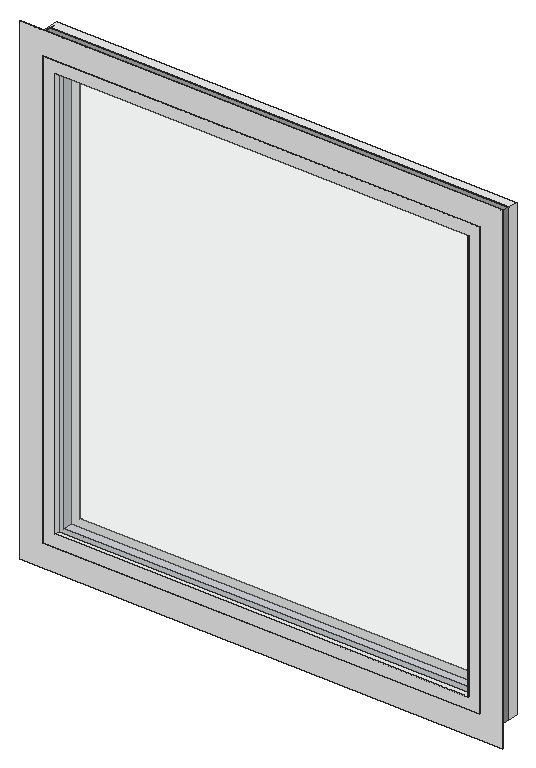
Revit family "Edge_TB42_F_Side_Hung_Standard", category Windows, host Wall, Revit 2014
Parameters (values of type "Casement_Sash_DG")
  Width Sash [instance] = 30 mm
  Width Sash Inner = 15 mm
  Width Bead = 15 mm
  Top Hung [instance] = yes
  Thermal Break Material = Rubber, Black
  Thermal Break Length = 16 mm
  Side Hung Right [instance] = yes
  Side Hung Left [instance] = yes
  Sash Opening Width [instance] = 600 mm
  Sash Opening Height [instance] = 600 mm
  Sash Lip = 15 mm
  Sash Leg [instance] = (Depth Sash - Thermal Break Length) / 2  # 13 mm
  SG Bead Leg = 6.683 mm
  Glazing Material [instance] = Glass
  Glazing Offset = 5 mm
  DG Start Piece 2 [instance] = DG End Piece 1 + DG Gasket Thickness  # 24.158 mm
  DG Start Peice 1 [instance] = ((Depth Sash - (2 * DG Glazing Thickness) - DG Gasket Thickness) / 2) - (SG Bead Leg - Aluminium Thickness) / 2  # 5.758 mm
  DG Glazing Thickness [instance] = 6.4 mm
  DG Gasket Thickness = 12 mm  # constant formula
  DG Gasket Material [instance] = none
  Depth Sash [instance] = 42 mm
  DG End Piece 2 [instance] = DG Start Piece 2 + DG Glazing Thickness  # 30.558 mm
  DG End Piece 1 [instance] = DG Start Peice 1 + DG Glazing Thickness  # 12.158 mm
  Center Vertical Sash [instance] = Sash Opening Height / 2  # 300 mm
  Center Horizontal Sash [instance] = Sash Opening Width / 2  # 300 mm
  Bottom Hung [instance] = yes
  Bead Offset = 15 mm
  Aluminium Thickness = 1 mm
  Aluminium Material [instance] = White Powder Coated Aluminium
Reference planes
  plane 1 "Center (Front/Back)": y = 0
  plane 2: z = 0
  plane 3 "Center (Left/Right)": x = 0
Forms (mm)
  Sweep 1, solid, material "White Powder Coated Aluminium" <- "Aluminium Material"
    path origin (16.177, 0, 121.331) x (1, 0, 0) y (0, 0, 1)
      loop
        line (0, 0) -> (600, 0) -> (600, 600) -> (0, 600) -> (0, 0)
    profile origin (316.177, 0, 121.331) x (0, 0, 1) y (0, -1, 0)
      loop
        line (0, 0) -> (30, 0) -> (30, 1) -> (15, 1) -> (15, 13) -> (14, 13) -> (14, 1) -> (1, 1) -> (1, 13) -> (0, 13) -> (0, 0)
      loop
        line (15, 42) -> (-15, 42) -> (-15, 41) -> (0, 41) -> (0, 29) -> (1, 29) -> (1, 41) -> (14, 41) -> (14, 29) -> (15, 29) -> (15, 42)
  Sweep 2, solid, material "White Powder Coated Aluminium" <- "Aluminium Material"
    path origin (0, 0, 0) x (1, 0, 0) y (0, 0, 1)
      loop
        line (31.177, 706.331) -> (31.177, 136.331) -> (601.177, 136.331) -> (601.177, 706.331) -> (31.177, 706.331)
    profile origin (316.177, 0, 706.331) x (0, 0, 1) y (0, -1, 0)
      loop
        line (0, 41) -> (0, 42) -> (-15, 42) -> (-15, 35.317) -> (-14, 35.317) -> (-14, 41) -> (0, 41)
  Extrusion 3, solid, material "Glass" <- "Glazing Material"
    sketch origin (0, 0, 0) x (1, 0, 0) y (0, 0, 1)
      loop
        line (36.177, 701.331) -> (36.177, 141.331) -> (596.177, 141.331) -> (596.177, 701.331) -> (36.177, 701.331)
    from 5.758 <- "DG Start Peice 1" to 12.158 <- "DG End Piece 1"
  Extrusion 4, solid, material "Glass" <- "Glazing Material"
    sketch origin (0, 0, 0) x (1, 0, 0) y (0, 0, 1)
      loop
        line (36.177, 701.331) -> (36.177, 141.331) -> (596.177, 141.331) -> (596.177, 701.331) -> (36.177, 701.331)
    from 30.558 <- "DG End Piece 2" to 24.158 <- "DG Start Piece 2"
  Sweep 5, solid, material <- "DG Gasket Material"
    path origin (0, -12.158, 0) x (1, 0, 0) y (0, 0, 1)
      loop
        line (36.177, 701.331) -> (36.177, 141.331) -> (596.177, 141.331) -> (596.177, 701.331) -> (36.177, 701.331)
    profile origin (316.177, -12.158, 701.331) x (0, 0, 1) y (0, -1, 0)
      loop
        line (0, 0) -> (0, 12) -> (-7.96, 12) -> (-7.96, 0) -> (0, 0)
  Sweep 6, solid, material "Rubber, Black" <- "Thermal Break Material"
    path origin (16.177, -13, 121.331) x (1, 0, 0) y (0, 0, 1)
      loop
        line (-15, 615) -> (-15, -15) -> (615, -15) -> (615, 615) -> (-15, 615)
    profile origin (316.177, -13, 736.331) x (0, 0, 1) y (0, -1, 0)
      loop
        line (-15, 16) -> (-16, 16) -> (-16, 0) -> (-15, 0) -> (-15, 16)
      loop
        line (-29, 16) -> (-30, 16) -> (-30, 0) -> (-29, 0) -> (-29, 16)
Lines and regions (mm)
  model lines
    curve 1: line (1.177, -42, 736.331) -> (31.177, -42, 706.331)
    curve 2: line (601.177, -42, 706.331) -> (631.177, -42, 736.331)
    curve 3: line (601.177, -42, 136.331) -> (631.177, -42, 106.331)
    curve 4: line (1.177, -42, 106.331) -> (31.177, -42, 136.331)
    curve 5: line (631.177, -41, 736.331) -> (616.177, -41, 721.331)
    curve 6: line (1.177, -41, 736.331) -> (16.177, -41, 721.331)
    curve 7: line (1.177, -41, 106.331) -> (16.177, -41, 121.331)
    curve 8: line (631.177, -41, 106.331) -> (616.177, -41, 121.331)
    curve 9: line (616.177, 0, 121.331) -> (586.177, 0, 151.331)
    curve 10: line (46.177, 0, 151.331) -> (16.177, 0, 121.331)
    curve 11: line (616.177, 0, 721.331) -> (586.177, 0, 691.331)
    curve 12: line (46.177, 0, 691.331) -> (16.177, 0, 721.331)
    curve 13: line (31.177, -42, 691.331) -> (46.177, -42, 691.331)
    curve 14: line (586.177, -42, 691.331) -> (601.177, -42, 691.331)
    curve 15: line (586.177, -42, 151.331) -> (601.177, -42, 151.331)
    curve 16: line (31.177, -42, 151.331) -> (46.177, -42, 151.331)
  model lines, style "GenericModelHiddenLines", visible <- "Top Hung"
    curve 17: line (46.386, -30.558, 690.602) -> (316.177, -30.558, 151.331)
    curve 18: line (316.177, -30.558, 151.331) -> (586.177, -30.558, 691.018)
  model lines, style "GenericModelHiddenLines", visible <- "Bottom Hung"
    curve 19: line (46.177, -30.558, 151.331) -> (316.177, -30.558, 691.018)
    curve 20: line (316.177, -30.558, 691.018) -> (586.177, -30.558, 151.331)
  model lines, style "GenericModelHiddenLines", visible <- "Side Hung Left"
    curve 21: line (46.386, -30.558, 690.602) -> (585.24, -30.558, 421.331)
    curve 22: line (585.24, -30.558, 421.331) -> (46.177, -30.558, 151.331)
  model lines, style "GenericModelHiddenLines", visible <- "Side Hung Right"
    curve 23: line (586.177, -30.558, 691.018) -> (46.177, -30.558, 421.331)
    curve 24: line (46.177, -30.558, 421.331) -> (586.177, -30.558, 151.331)
Dimensions and locks
  "Aluminium Thickness": Sweep 1 sketch curve to Sweep 1 sketch curve  (x6)
  "Depth Sash": Sweep 1 sketch curve to Sweep 1 sketch curve
  "Sash Opening Width": Sweep 1 to Sweep 1
  "Sash Opening Height": Sweep 1 to Sweep 1
  "Width Sash": Sweep 1 sketch curve to Sweep 1 sketch curve  (x2)
  "Width Sash Inner": Sweep 1 sketch curve to Sweep 1 sketch curve
  "Sash Lip": Sweep 1 sketch curve to Sweep 1 sketch curve
  "Glazing Offset": Sweep 2 to Extrusion 3 sketch curve  (x3)
  "Glazing Offset": Extrusion 3 sketch curve to Sweep 2
  Sweep 1 to Sweep 1 = 1 mm
  "Width Bead": Sweep 2 sketch curve to Sweep 2 sketch curve
  locked: Sweep 5 sketch curve to Sweep 5 sketch curve at 7.96
  "Center Horizontal Sash": Sweep 1 to curve 18
  "Center Horizontal Sash": Sweep 1 to curve 20
  "Center Vertical Sash": Sweep 1 to curve 22
  "Center Vertical Sash": Sweep 1 to curve 24
  "Sash Leg": Sweep 1 sketch curve to Sweep 1 sketch curve
  "Aluminium Thickness": Sweep 2 sketch curve to Sweep 2 sketch curve  (x2)
  "SG Bead Leg": Sweep 2 sketch curve to Sweep 2 sketch curve
  aligned and locked: level to plane 2
  aligned and locked: Sweep 1 sketch curve to Sweep 1 sketch curve  (x3)
  aligned and locked: Sweep 2 sketch curve to Sweep 1  (x4)
  aligned and locked: Sweep 1 to Sweep 2 sketch curve  (x2)
  aligned and locked: Extrusion 4 sketch curve to Extrusion 3  (x4)
  aligned and locked: Sweep 5 sketch curve to Extrusion 3  (x5)
  aligned and locked: Extrusion 3 to Sweep 5 sketch curve
  aligned and locked: Sweep 6 sketch curve to Sweep 1  (x10)
  aligned and locked: Sweep 1 to Sweep 6 sketch curve  (x2)
Automatic sketch dimensions
  plane 3 "Center (Left/Right)" to Sweep 1 sketch curve = 16.177 mm
  level to Sweep 1 sketch curve = 121.331 mm
  plane 3 "Center (Left/Right)" to Sweep 1 sketch curve = 616.177 mm
  level to Sweep 1 sketch curve = 721.331 mm
  profile plane to Sweep 5 sketch curve = 12 mm
  curve 7 to Sweep 1 = 0 mm  (x4)
  curve 6 to Sweep 1 = 0 mm  (x3)
  Sweep 1 to curve 6 = 0 mm
  curve 5 to Sweep 1 = 0 mm  (x3)
  curve 8 to Sweep 1 = 0 mm  (x4)
  Sweep 1 to curve 5 = 0 mm
  curve 16 to Sweep 2 = 0 mm  (x3)
  curve 13 to Sweep 2 = 0 mm  (x3)
  curve 15 to Sweep 2 = 0 mm
  Sweep 2 to curve 15 = 0 mm  (x2)
  curve 14 to Sweep 2 = 0 mm  (x2)
  Sweep 2 to curve 14 = 0 mm
  curve 1 to Sweep 1 = 0 mm  (x4)
  curve 4 to Sweep 1 = 0 mm  (x4)
  curve 2 to Sweep 1 = 0 mm  (x4)
  curve 3 to Sweep 1 = 0 mm  (x2)
  Sweep 1 to curve 3 = 0 mm  (x2)
  curve 10 to Sweep 1 = 0 mm  (x4)
  curve 12 to Sweep 1 = 0 mm  (x2)
  Sweep 1 to curve 12 = 0 mm  (x2)
  curve 11 to Sweep 1 = 0 mm  (x4)
  curve 9 to Sweep 1 = 0 mm  (x4)
  profile plane to Sweep 1 sketch curve = 0 mm  (x2)
  Sweep 1 sketch curve to plane 1 "Center (Front/Back)" = 0 mm
  Sweep 1 sketch curve to Sweep 1 sketch curve = 13 mm
  Sweep 1 sketch curve to Sweep 1 sketch curve = 12 mm  (x2)
  curve 21 to Extrusion 4 = 10.208 mm
  curve 19 to Extrusion 4 = 10 mm
  curve 23 to Extrusion 4 = 10 mm  (x2)
  curve 22 to Extrusion 4 = 10.937 mm
  curve 20 to Extrusion 4 = 10 mm
  curve 24 to Extrusion 4 = 10 mm
  curve 22 to Extrusion 4 = 10 mm
  curve 18 to Extrusion 4 = 10 mm
  curve 21 to Extrusion 4 = 10.729 mm
  curve 19 to Extrusion 4 = 10.312 mm
  curve 18 to Extrusion 4 = 10.312 mm
Types in the file's own list only (12): name | Windload Design | Width Sash Right Opening | Width Sash Left Opening | Width Sash Right | Width Sash Left | Width Profile | Width Fixed Panel Right | Width Fixed Panel Left | Width Fixed Panel Center | Width | URL | Offset Window Exterior | Max System DG Unit Thickness | Max System DG One Piece Thickness | Max Pane Area | Intruderprufe U Value | Intruderprufe SHGC Value | Intruderprufe LowE U Value | Intruderprufe LowE SHGC Value | Intruderprufe Insulated U Value | Intruderprufe Insulated SHGC Value | Intruderprufe Insulated LowE U Value | Intruderprufe Insulated LowE SHGC Value | Height Fixed Panel Right | Height Fixed Panel Left | Height | Has Stiffener Cap | Energy Advantage U Value | Energy Advantage SHGC Value | DG Thickness Calc | Custom Window Width | Custom Window Height | Window Exterior Offset | Custom Windload | Custom Sash Right Width | Custom Sash Right Height | Custom Sash Left Width | Custom Sash Left Height | Side Hung Right | Sash Spacing Inner | Sash Overlap | Sash Center Offset | SG Gasket Thickness | Offset Sash Side | Offset Sash Top | Offset Mullion Right | Offset Fixed Panel Center Left | Offset Mullion Left | Offset Transom Right Top | Offset Transom Left Top | Offset Bead Center Reversed | Model | Manufacturer | Limit Window Width Min | Limit Window Width Max | Limit Window Height Min | Limit Window Height Max | Limit Sash Width Min | Limit Sash Width Max | Limit Sash Height Min | Limit Sash Height Max | Limit Fixed Pane Width Min | Limit Fixed Pane Width Max | Limit Fixed Pane Height Min | Limit Fixed Pane Height Max | Length Transom Right | Length Transom Left | Length Mullion | Height Sash Right Opening | Height Sash Right | Height Sash Left Opening | Height Sash Left | Height Fixed Panel Center | Description | Depth Mullion | Frame Center Offset | Depth Bead | Default Sill Height | Wall Closure | DG Gasket Finish | DG Extrusion Start | Mullion Depth Windload Based | Clearvue U Value | Clearvue SHGC Value | Clearvue Insulated U Value | Clearvue Insulated SHGC Value | Clearvue Insulated LowE U Value | Clearvue Insulated LowE SHGC Value | Casement Dimension | Bead SG Gap | Area Pane Right Top | Area Pane Right Bottom | Area Pane Middle | Area Pane Left Top | Area Pane Left Bottom
  EDGE-1815SS-1000Pa | 1000 mm | 554 mm | 554 mm | 524 mm | 524 mm | 30 mm | 540 mm | 540 mm | 590 mm | 1790 mm | "http://www.crealco.co.za/crealco-products.php" | 21 mm | 25 mm | 6 mm | 0.82 m² | 5.14 | 0.676 | 3.67 | 0.601 | 2.78 | 0.594 | 2.22 | 0.536 | 260 mm | 260 mm | 1490 mm | Yes | 3.69 | 0.646 | 4 mm | 1790 mm | 1490 mm | 0 mm | 1000 mm | 554 mm | 1154 mm | 554 mm | 1154 mm | No | 8 mm | 7 mm | 18 mm | 6 mm | 23 mm | 23 mm | 570 mm | 600 mm | 570 mm | 1170 mm | 1170 mm | 21 mm | "Edge" | "Crealco" | 1400 mm | 2700 mm | 1430 mm | 1860 mm | 300 mm | 700 mm | 300 mm | 1500 mm | 200 mm | 1500 mm | 200 mm | 1800 mm | 540 mm | 540 mm | 1490 mm | 1154 mm | 1124 mm | 1154 mm | 1124 mm | 1430 mm | "Thermal break casement windows (42mm), Type F side hung" | 1 mm | 21 mm | 28 mm | 800 mm | By host | Double Glazing Gasket Material | 11 mm | 1 mm | 5.24 | 0.723 | 2.82 | 0.646 | 2.26 | 0.587 | 42 mm | 13 mm | 0.52 m² | 0.13 m² | 0.82 m² | 0.52 m² | 0.13 m²
  EDGE-2415SS-1000Pa | 1000 mm | 554 mm | 554 mm | 524 mm | 524 mm | 30 mm | 540 mm | 540 mm | 1190 mm | 2390 mm | "http://www.crealco.co.za/crealco-products.php" | 21 mm | 25 mm | 6 mm | 1.68 m² | 5.58 | 0.734 | 3.89 | 0.651 | 2.93 | 0.643 | 2.29 | 0.58 | 260 mm | 260 mm | 1490 mm | Yes | 7.9 | 0 | 4 mm | 2390 mm | 1490 mm | 0 mm | 1000 mm | 554 mm | 1154 mm | 554 mm | 1154 mm | No | 8 mm | 7 mm | 18 mm | 6 mm | 23 mm | 23 mm | 570 mm | 600 mm | 570 mm | 1170 mm | 1170 mm | 21 mm | "Edge" | "Crealco" | 1400 mm | 2700 mm | 1430 mm | 1860 mm | 300 mm | 700 mm | 300 mm | 1500 mm | 200 mm | 1500 mm | 200 mm | 1800 mm | 540 mm | 540 mm | 1490 mm | 1154 mm | 1124 mm | 1154 mm | 1124 mm | 1430 mm | "Thermal break casement windows (42mm), Type F side hung" | 1 mm | 21 mm | 28 mm | 800 mm | By host | Double Glazing Gasket Material | 11 mm | 1 mm | 7.9 | 0 | 2.98 | 0.699 | 2.33 | 0.635 | 42 mm | 13 mm | 0.52 m² | 0.13 m² | 1.68 m² | 0.52 m² | 0.13 m²
  EDGE-1818SS-1000Pa | 1000 mm | 554 mm | 554 mm | 524 mm | 524 mm | 30 mm | 540 mm | 540 mm | 590 mm | 1790 mm | "http://www.crealco.co.za/crealco-products.php" | 21 mm | 25 mm | 6 mm | 1.00 m² | 5.48 | 0.726 | 3.87 | 0.645 | 2.93 | 0.638 | 2.32 | 0.575 | 560 mm | 560 mm | 1790 mm | Yes | 3.91 | 0.693 | 4 mm | 1790 mm | 1790 mm | 0 mm | 1000 mm | 554 mm | 1154 mm | 554 mm | 1154 mm | No | 8 mm | 7 mm | 18 mm | 6 mm | 23 mm | 23 mm | 570 mm | 600 mm | 570 mm | 1170 mm | 1170 mm | 21 mm | "Edge" | "Crealco" | 1400 mm | 2700 mm | 1430 mm | 1860 mm | 300 mm | 700 mm | 300 mm | 1500 mm | 200 mm | 1500 mm | 200 mm | 1800 mm | 540 mm | 540 mm | 1790 mm | 1154 mm | 1124 mm | 1154 mm | 1124 mm | 1730 mm | "Thermal break casement windows (42mm), Type F side hung" | 1 mm | 21 mm | 28 mm | 800 mm | By host | Double Glazing Gasket Material | 11 mm | 1 mm | 5.59 | 0.776 | 2.97 | 0.693 | 2.36 | 0.63 | 42 mm | 13 mm | 0.52 m² | 0.29 m² | 1.00 m² | 0.52 m² | 0.29 m²
  EDGE-2418SS-1000Pa | 1000 mm | 554 mm | 554 mm | 524 mm | 524 mm | 30 mm | 540 mm | 540 mm | 1190 mm | 2390 mm | "http://www.crealco.co.za/crealco-products.php" | 21 mm | 25 mm | 6 mm | 2.03 m² | 6.1 | 0.809 | 4.21 | 0.717 | 3.17 | 0.708 | 2.46 | 0.639 | 560 mm | 560 mm | 1790 mm | Yes | 7.9 | 0 | 4 mm | 2390 mm | 1790 mm | 0 mm | 1000 mm | 554 mm | 1154 mm | 554 mm | 1154 mm | No | 8 mm | 7 mm | 18 mm | 6 mm | 23 mm | 23 mm | 570 mm | 600 mm | 570 mm | 1170 mm | 1170 mm | 21 mm | "Edge" | "Crealco" | 1400 mm | 2700 mm | 1430 mm | 1860 mm | 300 mm | 700 mm | 300 mm | 1500 mm | 200 mm | 1500 mm | 200 mm | 1800 mm | 540 mm | 540 mm | 1790 mm | 1154 mm | 1124 mm | 1154 mm | 1124 mm | 1730 mm | "Thermal break casement windows (42mm), Type F side hung" | 1 mm | 21 mm | 28 mm | 800 mm | By host | Double Glazing Gasket Material | 11 mm | 1 mm | 7.9 | 0 | 3.22 | 0.769 | 2.5 | 0.699 | 42 mm | 13 mm | 0.52 m² | 0.29 m² | 2.03 m² | 0.52 m² | 0.29 m²
  EDGE-1815SS-1500Pa | 1500 mm | 554 mm | 554 mm | 524 mm | 524 mm | 30 mm | 540 mm | 540 mm | 590 mm | 1790 mm | "http://www.crealco.co.za/crealco-products.php" | 21 mm | 25 mm | 6 mm | 0.82 m² | 5.14 | 0.676 | 3.67 | 0.601 | 2.78 | 0.594 | 2.22 | 0.536 | 260 mm | 260 mm | 1490 mm | Yes | 3.69 | 0.646 | 4 mm | 1790 mm | 1490 mm | 0 mm | 1500 mm | 554 mm | 1154 mm | 554 mm | 1154 mm | No | 8 mm | 7 mm | 18 mm | 6 mm | 23 mm | 23 mm | 570 mm | 600 mm | 570 mm | 1170 mm | 1170 mm | 21 mm | "Edge" | "Crealco" | 1400 mm | 2700 mm | 1430 mm | 1860 mm | 300 mm | 700 mm | 300 mm | 1500 mm | 200 mm | 1500 mm | 200 mm | 1800 mm | 540 mm | 540 mm | 1490 mm | 1154 mm | 1124 mm | 1154 mm | 1124 mm | 1430 mm | "Thermal break casement windows (42mm), Type F side hung" | 1 mm | 21 mm | 28 mm | 800 mm | By host | Double Glazing Gasket Material | 11 mm | 1 mm | 5.24 | 0.723 | 2.82 | 0.646 | 2.26 | 0.587 | 42 mm | 13 mm | 0.52 m² | 0.13 m² | 0.82 m² | 0.52 m² | 0.13 m²
  EDGE-1815SS-2000Pa | 2000 mm | 554 mm | 554 mm | 524 mm | 524 mm | 30 mm | 540 mm | 540 mm | 590 mm | 1790 mm | "http://www.crealco.co.za/crealco-products.php" | 21 mm | 25 mm | 6 mm | 0.82 m² | 5.14 | 0.676 | 3.67 | 0.601 | 2.78 | 0.594 | 2.22 | 0.536 | 260 mm | 260 mm | 1490 mm | Yes | 3.69 | 0.646 | 4 mm | 1790 mm | 1490 mm | 0 mm | 2000 mm | 554 mm | 1154 mm | 554 mm | 1154 mm | No | 8 mm | 7 mm | 18 mm | 6 mm | 23 mm | 23 mm | 570 mm | 600 mm | 570 mm | 1170 mm | 1170 mm | 21 mm | "Edge" | "Crealco" | 1400 mm | 2700 mm | 1430 mm | 1860 mm | 300 mm | 700 mm | 300 mm | 1500 mm | 200 mm | 1500 mm | 200 mm | 1800 mm | 540 mm | 540 mm | 1490 mm | 1154 mm | 1124 mm | 1154 mm | 1124 mm | 1430 mm | "Thermal break casement windows (42mm), Type F side hung" | 1 mm | 21 mm | 28 mm | 800 mm | By host | Double Glazing Gasket Material | 11 mm | 1 mm | 5.24 | 0.723 | 2.82 | 0.646 | 2.26 | 0.587 | 42 mm | 13 mm | 0.52 m² | 0.13 m² | 0.82 m² | 0.52 m² | 0.13 m²
  EDGE-2415SS-1500Pa | 1500 mm | 554 mm | 554 mm | 524 mm | 524 mm | 30 mm | 540 mm | 540 mm | 1190 mm | 2390 mm | "http://www.crealco.co.za/crealco-products.php" | 21 mm | 25 mm | 6 mm | 1.68 m² | 5.58 | 0.734 | 3.89 | 0.651 | 2.93 | 0.643 | 2.29 | 0.58 | 260 mm | 260 mm | 1490 mm | Yes | 7.9 | 0 | 4 mm | 2390 mm | 1490 mm | 0 mm | 1500 mm | 554 mm | 1154 mm | 554 mm | 1154 mm | No | 8 mm | 7 mm | 18 mm | 6 mm | 23 mm | 23 mm | 570 mm | 600 mm | 570 mm | 1170 mm | 1170 mm | 21 mm | "Edge" | "Crealco" | 1400 mm | 2700 mm | 1430 mm | 1860 mm | 300 mm | 700 mm | 300 mm | 1500 mm | 200 mm | 1500 mm | 200 mm | 1800 mm | 540 mm | 540 mm | 1490 mm | 1154 mm | 1124 mm | 1154 mm | 1124 mm | 1430 mm | "Thermal break casement windows (42mm), Type F side hung" | 1 mm | 21 mm | 28 mm | 800 mm | By host | Double Glazing Gasket Material | 11 mm | 1 mm | 7.9 | 0 | 2.98 | 0.699 | 2.33 | 0.635 | 42 mm | 13 mm | 0.52 m² | 0.13 m² | 1.68 m² | 0.52 m² | 0.13 m²
  EDGE-2415SS-2000Pa | 2000 mm | 554 mm | 554 mm | 524 mm | 524 mm | 30 mm | 540 mm | 540 mm | 1190 mm | 2390 mm | "http://www.crealco.co.za/crealco-products.php" | 21 mm | 25 mm | 6 mm | 1.68 m² | 5.58 | 0.734 | 3.89 | 0.651 | 2.93 | 0.643 | 2.29 | 0.58 | 260 mm | 260 mm | 1490 mm | Yes | 7.9 | 0 | 4 mm | 2390 mm | 1490 mm | 0 mm | 2000 mm | 554 mm | 1154 mm | 554 mm | 1154 mm | No | 8 mm | 7 mm | 18 mm | 6 mm | 23 mm | 23 mm | 570 mm | 600 mm | 570 mm | 1170 mm | 1170 mm | 21 mm | "Edge" | "Crealco" | 1400 mm | 2700 mm | 1430 mm | 1860 mm | 300 mm | 700 mm | 300 mm | 1500 mm | 200 mm | 1500 mm | 200 mm | 1800 mm | 540 mm | 540 mm | 1490 mm | 1154 mm | 1124 mm | 1154 mm | 1124 mm | 1430 mm | "Thermal break casement windows (42mm), Type F side hung" | 1 mm | 21 mm | 28 mm | 800 mm | By host | Double Glazing Gasket Material | 11 mm | 1 mm | 7.9 | 0 | 2.98 | 0.699 | 2.33 | 0.635 | 42 mm | 13 mm | 0.52 m² | 0.13 m² | 1.68 m² | 0.52 m² | 0.13 m²
  EDGE-1818SS-1500Pa | 1500 mm | 554 mm | 554 mm | 524 mm | 524 mm | 30 mm | 540 mm | 540 mm | 590 mm | 1790 mm | "http://www.crealco.co.za/crealco-products.php" | 21 mm | 25 mm | 6 mm | 1.00 m² | 5.48 | 0.726 | 3.87 | 0.645 | 2.93 | 0.638 | 2.32 | 0.575 | 560 mm | 560 mm | 1790 mm | Yes | 3.91 | 0.693 | 4 mm | 1790 mm | 1790 mm | 0 mm | 1500 mm | 554 mm | 1154 mm | 554 mm | 1154 mm | No | 8 mm | 7 mm | 18 mm | 6 mm | 23 mm | 23 mm | 570 mm | 600 mm | 570 mm | 1170 mm | 1170 mm | 21 mm | "Edge" | "Crealco" | 1400 mm | 2700 mm | 1430 mm | 1860 mm | 300 mm | 700 mm | 300 mm | 1500 mm | 200 mm | 1500 mm | 200 mm | 1800 mm | 540 mm | 540 mm | 1790 mm | 1154 mm | 1124 mm | 1154 mm | 1124 mm | 1730 mm | "Thermal break casement windows (42mm), Type F side hung" | 1 mm | 21 mm | 28 mm | 800 mm | By host | Double Glazing Gasket Material | 11 mm | 1 mm | 5.59 | 0.776 | 2.97 | 0.693 | 2.36 | 0.63 | 42 mm | 13 mm | 0.52 m² | 0.29 m² | 1.00 m² | 0.52 m² | 0.29 m²
  EDGE-1818SS-2000Pa | 2000 mm | 554 mm | 554 mm | 524 mm | 524 mm | 30 mm | 540 mm | 540 mm | 590 mm | 1790 mm | "http://www.crealco.co.za/crealco-products.php" | 21 mm | 25 mm | 6 mm | 1.00 m² | 5.48 | 0.726 | 3.87 | 0.645 | 2.93 | 0.638 | 2.32 | 0.575 | 560 mm | 560 mm | 1790 mm | Yes | 3.91 | 0.693 | 4 mm | 1790 mm | 1790 mm | 0 mm | 2000 mm | 554 mm | 1154 mm | 554 mm | 1154 mm | No | 8 mm | 7 mm | 18 mm | 6 mm | 23 mm | 23 mm | 570 mm | 600 mm | 570 mm | 1170 mm | 1170 mm | 21 mm | "Edge" | "Crealco" | 1400 mm | 2700 mm | 1430 mm | 1860 mm | 300 mm | 700 mm | 300 mm | 1500 mm | 200 mm | 1500 mm | 200 mm | 1800 mm | 540 mm | 540 mm | 1790 mm | 1154 mm | 1124 mm | 1154 mm | 1124 mm | 1730 mm | "Thermal break casement windows (42mm), Type F side hung" | 1 mm | 21 mm | 28 mm | 800 mm | By host | Double Glazing Gasket Material | 11 mm | 1 mm | 5.59 | 0.776 | 2.97 | 0.693 | 2.36 | 0.63 | 42 mm | 13 mm | 0.52 m² | 0.29 m² | 1.00 m² | 0.52 m² | 0.29 m²
  EDGE-2418SS-1500Pa | 1500 mm | 554 mm | 554 mm | 524 mm | 524 mm | 30 mm | 540 mm | 540 mm | 1190 mm | 2390 mm | "http://www.crealco.co.za/crealco-products.php" | 21 mm | 25 mm | 6 mm | 2.03 m² | 6.1 | 0.809 | 4.21 | 0.717 | 3.17 | 0.708 | 2.46 | 0.639 | 560 mm | 560 mm | 1790 mm | Yes | 7.9 | 0 | 4 mm | 2390 mm | 1790 mm | 0 mm | 1500 mm | 554 mm | 1154 mm | 554 mm | 1154 mm | No | 8 mm | 7 mm | 18 mm | 6 mm | 23 mm | 23 mm | 570 mm | 600 mm | 570 mm | 1170 mm | 1170 mm | 21 mm | "Edge" | "Crealco" | 1400 mm | 2700 mm | 1430 mm | 1860 mm | 300 mm | 700 mm | 300 mm | 1500 mm | 200 mm | 1500 mm | 200 mm | 1800 mm | 540 mm | 540 mm | 1790 mm | 1154 mm | 1124 mm | 1154 mm | 1124 mm | 1730 mm | "Thermal break casement windows (42mm), Type F side hung" | 1 mm | 21 mm | 28 mm | 800 mm | By host | Double Glazing Gasket Material | 11 mm | 1 mm | 7.9 | 0 | 3.22 | 0.769 | 2.5 | 0.699 | 42 mm | 13 mm | 0.52 m² | 0.29 m² | 2.03 m² | 0.52 m² | 0.29 m²
  EDGE-2418SS-2000Pa | 2000 mm | 554 mm | 554 mm | 524 mm | 524 mm | 30 mm | 540 mm | 540 mm | 1190 mm | 2390 mm | "http://www.crealco.co.za/crealco-products.php" | 21 mm | 25 mm | 6 mm | 2.03 m² | 6.1 | 0.809 | 4.21 | 0.717 | 3.17 | 0.708 | 2.46 | 0.639 | 560 mm | 560 mm | 1790 mm | Yes | 7.9 | 0 | 4 mm | 2390 mm | 1790 mm | 0 mm | 2000 mm | 554 mm | 1154 mm | 554 mm | 1154 mm | No | 8 mm | 7 mm | 18 mm | 6 mm | 23 mm | 23 mm | 570 mm | 600 mm | 570 mm | 1170 mm | 1170 mm | 21 mm | "Edge" | "Crealco" | 1400 mm | 2700 mm | 1430 mm | 1860 mm | 300 mm | 700 mm | 300 mm | 1500 mm | 200 mm | 1500 mm | 200 mm | 1800 mm | 540 mm | 540 mm | 1790 mm | 1154 mm | 1124 mm | 1154 mm | 1124 mm | 1730 mm | "Thermal break casement windows (42mm), Type F side hung" | 1 mm | 21 mm | 28 mm | 800 mm | By host | Double Glazing Gasket Material | 11 mm | 1 mm | 7.9 | 0 | 3.22 | 0.769 | 2.5 | 0.699 | 42 mm | 13 mm | 0.52 m² | 0.29 m² | 2.03 m² | 0.52 m² | 0.29 m²
